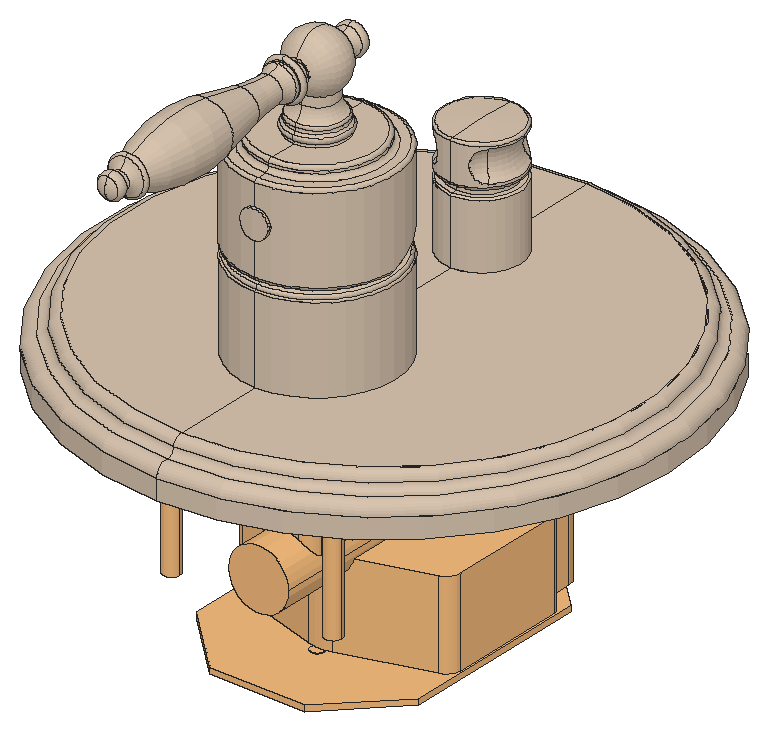
Revit family "Shower-Valve_Trim-KOHLER-MODULO-K-72803T_1", category Plumbing Fixtures, host Face, Revit 2017
Family settings
  Host = Face
  Round Connector Dimension = Use Diameter
  Part Type = Normal
  OmniClass Number = 23.31.25.00
  OmniClass Title = Toilet and Bath Specialties
  Cut with Voids When Loaded = No
  Shared = No
  Room Calculation Point = No
Parameters (values of type "AF-Flange Gold")
  Width = 7 11/128"  # constant formula
  WaterSense Certified = 1 = 0  # no
  Waste Water Outlet = "Waste Water Outlet"  # constant formula
  Waste Connection = 1 = 0  # no
  Vent Connection = 1 = 0  # no
  URL = "http://www.kohler.com.cn/"
  Type = 1
  Tempered Water Outlet 2 = "Tempered Water Outlet 2"  # constant formula
  Tempered Water Outlet 1 = "Tempered Water Outlet 1"  # constant formula
  Product Page URL = "https://www.kohler.com.cn/product/K-72803T-B4M-CP/K-72803T-4M-AF/"
  Product Name = "MODULO"  # constant formula
  Product Documentation Link = "https://files.kohler.com.cn/pdfs/1592894410229_1403891-2_A1(72801T,etc.).pdf"
  Pressure = 0.00 psi
  Model = if(Type = 1, "K-72803T-4M-AF", if(Type = 2, "K-72803T-4M-BN", if(Type = 3, "K-72803T-4M-SN", if(Type = 4, "K-72803T-4M-R2B", "NA"))))  # "K-72803T-4M-AF"
  Material = "Premium Metal Construction"  # constant formula
  Master Format 2014 Name = "Toilet, Bath, and Laundry Accessories"  # constant formula
  Master Format 2014 = "10 28 00"  # constant formula
  Manufacturer Address = "Kohler Beijing Office (100016) 36-2-03-B, No. 88, Liuxiang Road, Beijing"  # constant formula
  Manufacturer = "KOHLER Co."  # constant formula
  Length = 4 13/64"  # constant formula
  Hot Water Inlet = "Hot Water Inlet"  # constant formula
  Height = 7 229/256"  # constant formula
  Handle Clearance = 3 79/256"  # constant formula
  HW Connection = 1 = 1  # yes
  Flow Rate = 0 GPM
  Finish = Kohler-Metal-AF-Flange_Gold
  Environmental Product Declaration = ""
  Drain Included = 1 = 0  # no
  Description = "Smart with round in-wall bathtub shower valve core and classic panel (Finno handle)"  # constant formula
  Default Elevation = 42"
  Declare Label = ""
  Date Modified = "07/29/2020"  # constant formula
  Date Created = "07/29/2020"  # constant formula
  Copyright = "Copyright KOHLER Co."  # constant formula
  Contact Us = "http://www.kohler.com.cn/contact/contact-us/"
  Cold Water Inlet = "Cold Water Inlet"  # constant formula
  CW Connection = 1 = 1  # yes
  Assembly Code = "D2010700"
  ADA Compliant = 1 = 0  # no
Reference planes (in)
  plane 1 "Center (Front/Back)": y = 0
  plane 2: z = 0
  plane 3 "Center (Left/Right)": x = 0
  plane 4: y = 3.54331
  plane 5: y = -4.35122
  plane 6: y = -3.54331
  plane 7: x = -3.54331
  plane 8: x = 3.54263
  plane 9: y = -0.07869
  plane 10: y = -2.00793
  plane 11: x = -0.96343
  plane 12: x = 0.96343
  plane 13: y = 1.51642
  plane 14: x = -0.48091
  plane 15: x = 0.48091
  plane 16: y = 1.99666
  plane 17: y = 1.03484
  plane 18: z = -2.82765
  plane 19: z = 0.59055
  plane 20: y = -1.04263
  plane 21: z = 3.8189
  plane 22: z = 4.20312
  plane 23: z = 2.0445
  plane 24: x = 1.39407
  plane 25: x = -1.39407
Forms (in)
  Extrusion 1, void
    sketch origin (0, 0, 0) x (1, 0, 0) y (0, 1, 0)
      loop
        arc (-1.44346, -2.04382) -> (-1.37023, -2.2206) -> (-1.19346, -2.29382) r 0.25
        line (-1.19346, -2.29382) -> (1.18799, -2.29382)
        arc (1.18799, -2.29382) -> (1.36477, -2.2206) -> (1.43799, -2.04382) r 0.25
        line (1.43799, -2.04382) -> (1.43799, 2.12825)
        arc (1.43799, 2.12825) -> (1.36477, 2.30503) -> (1.18799, 2.37825) r 0.25
        line (1.18799, 2.37825) -> (-1.19346, 2.37825)
        arc (-1.19346, 2.37825) -> (-1.37023, 2.30503) -> (-1.44346, 2.12825) r 0.25
        line (-1.44346, 2.12825) -> (-1.44346, -2.04382)
    from 0 to -2.82765
Dimensions and locks (in)
  "Width": plane 7 to plane 8
  locked: plane 4 to plane 6 at 7.08661
  "Height": plane 4 to plane 5
  "Handle Clearance": plane 20 to plane 5
  "Length": plane 22 to plane 2
  locked: plane 21 to plane 2 at 3.8189
  locked: plane 13 to plane 20 at 2.55906
  aligned and locked: plane 2 to host face
  aligned and locked: level to host face
Automatic sketch dimensions
  host sketch curve to host sketch curve = 96"  (x2)
  Extrusion 1 sketch curve to plane 25 = 0.04939"
  plane 25 to Extrusion 1 sketch curve = 0.20061"  (x2)
  Extrusion 1 sketch curve to plane 10 = 0.0359"  (x2)
  plane 24 to Extrusion 1 sketch curve = 0.20607"  (x2)
  Extrusion 1 sketch curve to plane 16 = 0.13159"
Nested families (in)
  nested 1: "K-72803T" at (0, 0, 0), type "K-72803T"
Connectors (in)
  piping at (-0.96343, 0, -2.82765), diameter 0.5, driven by "HW Connection", driven by "Hot Water Inlet"
    settings: on nested 1, index 1, connector inside diameter 24", connector length 0", flow factor 0, pipe flow 0 GPM, pressure drop 0.00 psi, fitting loss kfactor 0, connector angle 0.00°, fixture units 0, engagement length 0", angle of deflection 0.00°, flow configuration 0, flow direction 1, fitting loss method 0, system type 19, joint type 0, gender type 0, connector reference index -1, connector utility 1, adjustable connector no, is connector primary yes, connector description "Hot Water Inlet"
  piping at (0.96343, 0, -2.82765), diameter 0.5, driven by "CW Connection", driven by "Cold Water Inlet"
    settings: on nested 1, index 2, connector inside diameter 24", connector length 0", flow factor 0, pipe flow 0 GPM, pressure drop 0.00 psi, fitting loss kfactor 0, connector angle 0.00°, fixture units 0, engagement length 0", angle of deflection 0.00°, flow configuration 0, flow direction 1, fitting loss method 0, system type 20, joint type 0, gender type 0, connector reference index -1, connector utility 1, adjustable connector no, is connector primary no, connector description "Cold Water Inlet"
  piping at (0, -1.04331, -2.82765), diameter 0.5, driven by "HW Connection", driven by "Tempered Water Outlet 2"
    settings: on nested 1, index 3, connector inside diameter 24", connector length 0", flow factor 0, pipe flow 0 GPM, pressure drop 0.00 psi, fitting loss kfactor 0, connector angle 0.00°, fixture units 0, engagement length 0", angle of deflection 0.00°, flow configuration 0, flow direction 2, fitting loss method 0, system type 19, joint type 0, gender type 0, connector reference index -1, connector utility 1, adjustable connector no, is connector primary no, connector description "Tempered Water Outlet 2"
  piping at (0, 1.51575, -2.82765), diameter 0.5, driven by "HW Connection", driven by "Tempered Water Outlet 1"
    settings: on nested 1, index 4, connector inside diameter 24", connector length 0", flow factor 0, pipe flow 0 GPM, pressure drop 0.00 psi, fitting loss kfactor 0, connector angle 0.00°, fixture units 0, engagement length 0", angle of deflection 0.00°, flow configuration 0, flow direction 2, fitting loss method 0, system type 19, joint type 0, gender type 0, connector reference index -1, connector utility 1, adjustable connector no, is connector primary no, connector description "Tempered Water Outlet 1"
Definition of nested family "K-72803T"
  Parameters (values of type "K-72803T")
    Material = none
  Reference planes (in)
    plane 1 "Center (Front/Back)": y = 0
    plane 2: z = 0
    plane 3 "Center (Left/Right)": x = 0
    plane 4: x = -3.54331
    plane 5: x = 3.54331
    plane 6: y = 3.54331
    plane 7: y = -3.54331
    plane 8: z = 0.59055
    plane 9: x = -0.96343
    plane 10: x = 0.96343
    plane 11: z = 3.8189
    plane 12: z = 4.20362
    plane 13: y = -1.04331
    plane 14: y = -4.35039
    plane 15: y = 1.51575
    plane 16: y = 1.03484
    plane 17: z = 2.0445
    plane 18: y = 1.99666
    plane 19: y = -0.07869
    plane 20: y = -2.00793
  Forms (in)
    Revolve 1, solid, material <- "Material", detail levels medium+fine
      sketch origin (0, 0, 0) x (0, 1, 0) y (0, 0, 1)
        loop
          line (0, 0.59055) -> (0, 0) -> (3.54331, 0) -> (3.54331, 0.24917)
          arc (3.54331, 0.24917) -> (3.49525, 0.35721) -> (3.38283, 0.39385) r 0.14546
          arc (3.38283, 0.39385) -> (3.30959, 0.41558) -> (3.27304, 0.48266) r 0.10004
          arc (3.27304, 0.48266) -> (3.23365, 0.55962) -> (3.15292, 0.59055) r 0.12081
          line (3.15292, 0.59055) -> (0, 0.59055)
        axis (0, 0.59055) -> (0, 0)
      angle from 0 to 360
    Revolve 2, solid, material <- "Material", detail levels medium+fine
      sketch origin (0, 0, 0) x (0, 1, 0) y (0, 0, 1)
        loop
          line (-1.04331, 2.18504) -> (-1.73131, 2.18504)
          arc (-1.73131, 2.18504) -> (-1.81732, 2.00604) -> (-1.84956, 1.81009) r 0.69947
          arc (-1.84956, 1.81009) -> (-1.86678, 1.76184) -> (-1.90952, 1.7336) r 0.08091
          line (-1.90952, 1.7336) -> (-1.96233, 1.71945)
          arc (-1.96233, 1.71945) -> (-1.98461, 1.70166) -> (-1.98668, 1.67323) r 0.03559
          arc (-1.98668, 1.67323) -> (-2.00171, 1.66701) -> (-2.00793, 1.65198) r 0.02124
          line (-2.00793, 1.65198) -> (-2.00793, 0.59055) -> (-1.04331, 0.59055) -> (-1.04331, 2.18504)
        axis (-1.04331, 2.18504) -> (-1.04331, 0.59055)
      angle from 0 to 360
    Revolve 3, solid, material <- "Material", detail levels medium+fine
      sketch origin (0, 0, 0) x (0, 1, 0) y (0, 0, 1)
        loop
          line (-1.97772, 1.78346) -> (-1.04331, 1.78346) -> (-1.04331, 3.8189) -> (-1.28563, 3.8189)
          arc (-1.28563, 3.8189) -> (-1.27803, 3.62043) -> (-1.28216, 3.42186) r 3.36073
          arc (-1.28216, 3.42186) -> (-1.30736, 3.32918) -> (-1.3689, 3.25544) r 0.22504
          arc (-1.3689, 3.25544) -> (-1.3817, 3.23717) -> (-1.38195, 3.21487) r 0.03777
          arc (-1.38195, 3.21487) -> (-1.37981, 3.19716) -> (-1.38363, 3.17974) r 0.05335
          arc (-1.38363, 3.17974) -> (-1.39403, 3.16117) -> (-1.40876, 3.1458) r 0.08409
          arc (-1.40876, 3.1458) -> (-1.42421, 3.11356) -> (-1.40892, 3.08123) r 0.04159
          arc (-1.40892, 3.08123) -> (-1.39846, 3.06356) -> (-1.40192, 3.04331) r 0.02981
          line (-1.40192, 3.04331) -> (-1.75116, 3.04331)
          arc (-1.75116, 3.04331) -> (-1.78018, 3.03129) -> (-1.7922, 3.00227) r 0.04103
          line (-1.7922, 3.00227) -> (-1.7922, 2.97076)
          arc (-1.7922, 2.97076) -> (-1.809, 2.93019) -> (-1.84957, 2.91339) r 0.05738
          line (-1.84957, 2.91339) -> (-1.96615, 2.91339)
          arc (-1.96615, 2.91339) -> (-1.99597, 2.90103) -> (-2.00832, 2.87121) r 0.04218
          line (-2.00832, 2.87121) -> (-2.00832, 1.81407)
          arc (-2.00832, 1.81407) -> (-1.99936, 1.79243) -> (-1.97772, 1.78346) r 0.0306
        axis (-1.04331, 3.8189) -> (-1.04331, 1.78346)
      angle from 0 to 360
    Extrusion 4, void
      sketch origin (0, 0, 0) x (0, 1, 0) y (0, 0, 1)
        loop
          line (0.04479, 2.24503) -> (-1.20554, 1.75353) -> (0.04479, 1.75353) -> (0.04479, 2.24503)
      from -1.10745 to 1.17611
    Extrusion 5, solid, material <- "Material", detail levels medium+fine
      sketch origin (0, 0, 0) x (1, 0, 0) y (0, 0, 1)
        loop
          circle (0, 2.42345) r 0.17717
      from 1.84994 to 2.17167
    Extrusion 6, void
      sketch origin (0, -2.09887, 0) x (1, 0, 0) y (0, 1, 0)
        loop
          line (-0.29378, 0.10181) -> (-0.29378, -0.12038) -> (0.29378, -0.12038) -> (0.29378, 0.10181)
          arc (0.29378, 0.10181) -> (0, 0.058) -> (-0.29378, 0.10181) r 1.00684
      from 2.18504 to 2.76179
    Revolve 7, solid, material <- "Material", detail levels medium+fine
      sketch origin (0, 0, 0) x (0, 1, 0) y (0, 0, 1)
        loop
          line (-4.35039, 3.8189) -> (-0.32537, 3.8189)
          arc (-0.32537, 3.8189) -> (-0.33151, 3.84387) -> (-0.34853, 3.86315) r 0.05385
          arc (-0.34853, 3.86315) -> (-0.40487, 3.91266) -> (-0.44852, 3.97366) r 0.32854
          arc (-0.44852, 3.97366) -> (-0.50311, 4.01076) -> (-0.56539, 3.98891) r 0.07328
          arc (-0.56539, 3.98891) -> (-0.61677, 3.9535) -> (-0.67792, 3.94103) r 0.15618
          line (-0.67792, 3.94103) -> (-0.72796, 3.94103) -> (-0.72796, 3.97264)
          arc (-0.72796, 3.97264) -> (-1.0434, 4.18879) -> (-1.35884, 3.97264) r 0.33824
          line (-1.35884, 3.97264) -> (-1.35884, 3.94103)
          arc (-1.35884, 3.94103) -> (-1.45481, 3.97195) -> (-1.51367, 4.0538) r 0.16132
          arc (-1.51367, 4.0538) -> (-1.55395, 4.07884) -> (-1.58483, 4.04284) r 0.03642
          line (-1.58483, 4.04284) -> (-1.58483, 4.00368)
          arc (-1.58483, 4.00368) -> (-1.60345, 4.0353) -> (-1.64013, 4.03434) r 0.03615
          arc (-1.64013, 4.03434) -> (-1.71841, 3.99961) -> (-1.80325, 3.98804) r 0.30473
          arc (-1.80325, 3.98804) -> (-2.01693, 4.00141) -> (-2.22768, 4.03906) r 1.87456
          arc (-2.22768, 4.03906) -> (-2.5048, 4.10233) -> (-2.78305, 4.16036) r 15.0618
          arc (-2.78305, 4.16036) -> (-3.38068, 4.17905) -> (-3.95214, 4.00317) r 1.8211
          arc (-3.95214, 4.00317) -> (-3.9637, 4.05879) -> (-4.01754, 4.04064) r 0.03796
          arc (-4.01754, 4.04064) -> (-4.0549, 3.97781) -> (-4.10779, 3.92736) r 0.26894
          arc (-4.10779, 3.92736) -> (-4.13845, 3.92048) -> (-4.16458, 3.93794) r 0.03989
          arc (-4.16458, 3.93794) -> (-4.22952, 3.97666) -> (-4.29989, 3.94901) r 0.08585
          arc (-4.29989, 3.94901) -> (-4.33733, 3.88868) -> (-4.35039, 3.8189) r 0.19287
        axis (-0.32537, 3.8189) -> (-4.35039, 3.8189)
      angle from 0 to 360
    Revolve 8, solid, material <- "Material", detail levels medium+fine
      sketch origin (0, 0, 0) x (0, 1, 0) y (0, 0, 1)
        loop
          line (1.12235, 1.41732) -> (1.0573, 1.41732) -> (1.03484, 1.39486) -> (1.03484, 0.59055) -> (1.51575, 0.59055) -> (1.51575, 2.0445)
          arc (1.51575, 2.0445) -> (1.28844, 2.04019) -> (1.06147, 2.02725) r 5.98938
          arc (1.06147, 2.02725) -> (1.04252, 2.0181) -> (1.03484, 1.99851) r 0.02882
          line (1.03484, 1.99851) -> (1.03484, 1.53548)
          arc (1.03484, 1.53548) -> (1.04172, 1.51815) -> (1.05862, 1.51026) r 0.02527
          arc (1.05862, 1.51026) -> (1.09047, 1.50886) -> (1.12235, 1.50839) r 1.08368
          line (1.12235, 1.50839) -> (1.12235, 1.41732)
        axis (1.51575, 2.0445) -> (1.51575, 0.59055)
      angle from 0 to 360
    Sweep 9, void
      path origin (0, 0, 0) x (1, 0, 0) y (0, 1, 0)
        loop
          arc (0.26106, 2.09256) -> (0.28277, 1.95775) -> (0.35402, 1.84125) r 0.35311
          arc (0.35402, 1.84125) -> (0.48091, 1.51575) -> (0.35402, 1.19025) r 0.48091
          arc (0.35402, 1.19025) -> (0.28277, 1.07375) -> (0.26106, 0.93893) r 0.35311
      profile origin (0.48091, 1.51575, 0) x (1, 0, 0) y (0, 0, 1)
        loop
          arc (0.08965, 2.02349) -> (-0.08595, 1.77165) -> (0.08965, 1.51981) r 0.26839
          line (0.08965, 1.51981) -> (0.08965, 2.02349)
    Sweep 10, void
      path origin (0, 0, 0) x (-1, 0, 0) y (0, 1, 0)
        loop
          arc (0.26106, 2.09256) -> (0.28277, 1.95775) -> (0.35402, 1.84125) r 0.35311
          arc (0.35402, 1.84125) -> (0.48091, 1.51575) -> (0.35402, 1.19025) r 0.48091
          arc (0.35402, 1.19025) -> (0.28277, 1.07375) -> (0.26106, 0.93893) r 0.35311
      profile origin (-0.48091, 1.51575, 0) x (1, 0, 0) y (0, 0, 1)
        loop
          line (-0.08965, 2.02349) -> (-0.08965, 1.51981)
          arc (-0.08965, 1.51981) -> (0.08595, 1.77165) -> (-0.08965, 2.02349) r 0.26839
    Extrusion 11, solid, detail levels medium+fine
      sketch origin (-0.00273, 0.04221, 0) x (1, 0, 0) y (0, 1, 0)
        loop
          arc (-1.19072, 2.33604) -> (-1.3675, 2.26281) -> (-1.44072, 2.08604) r 0.25
          line (-1.44072, 2.08604) -> (-1.44072, -2.08604)
          arc (-1.44072, -2.08604) -> (-1.3675, -2.26281) -> (-1.19072, -2.33604) r 0.25
          line (-1.19072, -2.33604) -> (1.19072, -2.33604)
          arc (1.19072, -2.33604) -> (1.3675, -2.26281) -> (1.44072, -2.08604) r 0.25
          line (1.44072, -2.08604) -> (1.44072, 2.08604)
          arc (1.44072, 2.08604) -> (1.3675, 2.26281) -> (1.19072, 2.33604) r 0.25
          line (1.19072, 2.33604) -> (-1.19072, 2.33604)
      from -0.08047 to -0.00109
    Extrusion 12, solid, detail levels medium+fine
      sketch origin (0.00074, 0.00471, 0) x (1, 0, 0) y (0, 1, 0)
        loop
          circle (-1.00405, -2.05906) r 0.10216
        loop
          circle (1.00767, -2.05906) r 0.10216
        loop
          circle (-1.00405, 2.03488) r 0.10216
        loop
          circle (1.00767, 2.03488) r 0.10216
      from -1.79824 to 0
    Extrusion 13, solid, detail levels medium+fine
      sketch origin (-0.04444, 0.12063, 0) x (1, 0, 0) y (0, 1, 0)
        loop
          line (-0.1335, -1.67581) -> (0.22928, -1.67581)
          arc (0.22928, -1.67581) -> (0.34114, -1.62948) -> (0.38747, -1.51762) r 0.15819
          line (0.38747, -1.51762) -> (0.38747, -0.81825)
          arc (0.38747, -0.81825) -> (0.04444, -0.47522) -> (-0.2986, -0.81825) r 0.34303
          line (-0.2986, -0.81825) -> (-0.2986, -1.51071)
          arc (-0.2986, -1.51071) -> (-0.25024, -1.62745) -> (-0.1335, -1.67581) r 0.1651
      from -1.56396 to 0
    Extrusion 14, solid, detail levels medium+fine
      sketch origin (-0.00221, -0.00116, 0) x (1, 0, 0) y (0, 1, 0)
        loop
          circle (0.00221, 1.50189) r 0.65193
      from -1.92913 to 0
    Extrusion 15, solid, detail levels medium+fine
      sketch origin (-0.00146, -0.01024, 0) x (1, 0, 0) y (0, 0, 1)
        loop
          circle (0.00146, -1.57522) r 0.37568
      from -1.17767 to 1.94008
    Extrusion 16, solid, detail levels medium+fine
      sketch origin (0, 0.00132, 0) x (1, 0, 0) y (0, 1, 0)
        loop
          arc (1.22001, -0.67247) -> (1.31279, -0.60767) -> (1.34842, -0.50026) r 0.17969
          line (1.34842, -0.50026) -> (1.34842, 0.96158)
          arc (1.34842, 0.96158) -> (1.34467, 0.98045) -> (1.33398, 0.99645) r 0.04932
          line (1.33398, 0.99645) -> (1.12734, 1.20309)
          arc (1.12734, 1.20309) -> (1.11633, 1.21956) -> (1.11247, 1.239) r 0.05078
          line (1.11247, 1.239) -> (1.11247, 1.48574)
          arc (1.11247, 1.48574) -> (1.09031, 1.57118) -> (1.02941, 1.63507) r 0.17578
          line (1.02941, 1.63507) -> (0.19066, 2.15588)
          arc (0.19066, 2.15588) -> (0.1417, 2.17679) -> (0.08873, 2.18209) r 0.17578
          line (0.08873, 2.18209) -> (-0.40386, 2.15627)
          arc (-0.40386, 2.15627) -> (-0.49575, 2.12419) -> (-0.55601, 2.04775) r 0.17391
          line (-0.55601, 2.04775) -> (-0.89339, 1.21269)
          arc (-0.89339, 1.21269) -> (-0.91099, 1.19037) -> (-0.93782, 1.181) r 0.05078
          line (-0.93782, 1.181) -> (-1.14167, 1.17032)
          arc (-1.14167, 1.17032) -> (-1.15966, 1.166) -> (-1.17492, 1.15552) r 0.05078
          line (-1.17492, 1.15552) -> (-1.33355, 0.99688)
          arc (-1.33355, 0.99688) -> (-1.34456, 0.98041) -> (-1.34843, 0.96097) r 0.05078
          line (-1.34843, 0.96097) -> (-1.34843, -0.49979)
          arc (-1.34843, -0.49979) -> (-1.31266, -0.60757) -> (-1.21956, -0.67261) r 0.18032
          line (-1.21956, -0.67261) -> (-0.15356, -0.98999)
          arc (-0.15356, -0.98999) -> (0, -1.01237) -> (0.15356, -0.98999) r 0.53813
          line (0.15356, -0.98999) -> (1.22001, -0.67247)
      from -2.75358 to -1.66963
    Extrusion 17, solid, detail levels medium+fine
      sketch origin (0, 0.00228, 0) x (1, 0, 0) y (0, 1, 0)
        loop
          line (-1.37795, 1.16901) -> (-1.37795, -1.19319) -> (-0.59055, -1.98059) -> (0.59055, -1.98059) -> (1.37795, -1.19319) -> (1.37795, 1.16901) -> (0.59055, 1.95642) -> (-0.59055, 1.95642) -> (-1.37795, 1.16901)
      from -2.82765 to -2.75358
    Extrusion 18, solid, detail levels coarse
      sketch origin (0, 0, 0) x (1, 0, 0) y (0, 1, 0)
        loop
          line (-1.37795, -1.19091) -> (-0.59055, -1.97831) -> (0.59055, -1.97831) -> (1.37795, -1.19091) -> (1.37795, 1.17129) -> (0.59055, 1.95869) -> (-0.59055, 1.95869) -> (-1.37795, 1.17129) -> (-1.37795, -1.19091)
      from 0 to -2.82765
    Extrusion 19, solid, material <- "Material", detail levels coarse
      sketch origin (0, 0, 0) x (1, 0, 0) y (0, 1, 0)
        loop
          circle (0, 0) r 3.54331
      from 0 to 0.59055
    Extrusion 20, solid, material <- "Material", detail levels coarse
      sketch origin (0, 0, 0) x (1, 0, 0) y (0, 1, 0)
        loop
          circle (0, 1.51575) r 0.48091
      from 0.59055 to 2.04303
    Revolve 21, solid, material <- "Material", detail levels coarse
      sketch origin (0, 0, 0) x (0, 1, 0) y (0, 0, 1)
        loop
          line (-1.04331, 3.8189) -> (-1.25437, 3.8189) -> (-1.25437, 3.04331) -> (-2.00793, 3.04331) -> (-2.00793, 0.59055) -> (-1.04331, 0.59055) -> (-1.04331, 3.8189)
        axis (-1.04331, 3.8189) -> (-1.04331, 0.59055)
      angle from 0 to 360
    Revolve 22, solid, material <- "Material", detail levels coarse
      sketch origin (0, 0, 0) x (0, 1, 0) y (0, 0, 1)
        loop
          line (-0.32537, 3.8189) -> (-0.32537, 4.07764) -> (-0.78356, 4.07764) -> (-0.78356, 4.20362) -> (-1.40892, 4.20362) -> (-1.40892, 4.03434) -> (-2.20736, 4.03434) -> (-2.20736, 4.20362) -> (-4.08175, 4.20362) -> (-4.08175, 4.0538) -> (-4.35039, 4.0538) -> (-4.35039, 3.8189) -> (-0.32537, 3.8189)
        axis (-4.35039, 3.8189) -> (-0.32537, 3.8189)
      angle from 0 to 360
    Extrusion 23, solid, detail levels medium+fine
      sketch origin (0, 0, 0) x (1, 0, 0) y (0, 1, 0)
        loop
          circle (-0.96343, 0) r 0.07874
        loop
          circle (0, -1.04331) r 0.07874
        loop
          circle (0.96343, 0) r 0.07874
        loop
          circle (0, 1.51575) r 0.07874
      from -2.75358 to -2.82765
  Cuts and joins
    Extrusion 4 cuts Revolve 3
    Extrusion 6 cuts Extrusion 5
    Sweep 9, Sweep 10 cuts Revolve 8
    joined: Revolve 1, Revolve 2, Revolve 3, Extrusion 5, Revolve 7, Revolve 8
    joined: Extrusion 11, Extrusion 12, Extrusion 13, Extrusion 14, Extrusion 15, Extrusion 16, Extrusion 17
    joined: Extrusion 19, Extrusion 20, Revolve 21, Revolve 22
  Lines and regions (in)
    Masking region 1
      outline origin (0, 0, 0) x (0, 1, 0) y (0, 0, 1)
        loop
          arc (-3.9475, 3.63231) -> (-3.97292, 3.58591) -> (-4.02168, 3.60645) r 0.03949
          arc (-4.02168, 3.60645) -> (-4.05811, 3.66394) -> (-4.10779, 3.71043) r 0.26894
          arc (-4.10779, 3.71043) -> (-4.13845, 3.71731) -> (-4.16458, 3.69986) r 0.03989
          arc (-4.16458, 3.69986) -> (-4.22952, 3.66114) -> (-4.29989, 3.68878) r 0.08585
          arc (-4.29989, 3.68878) -> (-4.33733, 3.74911) -> (-4.35039, 3.8189) r 0.19287
          arc (-4.35039, 3.8189) -> (-4.33733, 3.88868) -> (-4.29989, 3.94901) r 0.19287
          arc (-4.29989, 3.94901) -> (-4.22952, 3.97666) -> (-4.16458, 3.93794) r 0.08585
          arc (-4.16458, 3.93794) -> (-4.13845, 3.92048) -> (-4.10779, 3.92736) r 0.03989
          arc (-4.10779, 3.92736) -> (-4.05967, 3.97198) -> (-4.02379, 4.02693) r 0.26894
          arc (-4.02379, 4.02693) -> (-3.9776, 4.04631) -> (-3.95214, 4.00317) r 0.0381
          arc (-3.95214, 4.00317) -> (-3.76241, 4.0849) -> (-3.56465, 4.14461) r 1.8211
          arc (-3.56465, 4.14461) -> (-3.36423, 4.18879) -> (-3.15954, 4.20362) r 1.41985
          arc (-3.15954, 4.20362) -> (-2.97006, 4.19277) -> (-2.78305, 4.16036) r 1.6597
          arc (-2.78305, 4.16036) -> (-2.5048, 4.10233) -> (-2.22768, 4.03906) r 15.0618
          arc (-2.22768, 4.03906) -> (-2.01693, 4.00141) -> (-1.80325, 3.98804) r 1.87456
          arc (-1.80325, 3.98804) -> (-1.71841, 3.99961) -> (-1.64013, 4.03434) r 0.30473
          arc (-1.64013, 4.03434) -> (-1.60345, 4.0353) -> (-1.58483, 4.00368) r 0.03615
          line (-1.58483, 4.00368) -> (-1.58483, 4.04284)
          arc (-1.58483, 4.04284) -> (-1.55395, 4.07884) -> (-1.51367, 4.0538) r 0.03642
          arc (-1.51367, 4.0538) -> (-1.45481, 3.97195) -> (-1.35884, 3.94103) r 0.16132
          line (-1.35884, 3.94103) -> (-1.35884, 3.97205)
          arc (-1.35884, 3.97205) -> (-1.239, 4.13952) -> (-1.04331, 4.20362) r 0.33075
          arc (-1.04331, 4.20362) -> (-0.84786, 4.1397) -> (-0.72796, 3.97264) r 0.33075
          line (-0.72796, 3.97264) -> (-0.72796, 3.94103) -> (-0.67792, 3.94103)
          arc (-0.67792, 3.94103) -> (-0.61677, 3.9535) -> (-0.56539, 3.98891) r 0.15618
          arc (-0.56539, 3.98891) -> (-0.50311, 4.01076) -> (-0.44852, 3.97366) r 0.07328
          arc (-0.44852, 3.97366) -> (-0.40487, 3.91266) -> (-0.34853, 3.86315) r 0.32854
          arc (-0.34853, 3.86315) -> (-0.33151, 3.84387) -> (-0.32537, 3.8189) r 0.05385
          arc (-0.32537, 3.8189) -> (-0.33151, 3.79393) -> (-0.34853, 3.77465) r 0.05385
          arc (-0.34853, 3.77465) -> (-0.40487, 3.72514) -> (-0.44852, 3.66414) r 0.32854
          arc (-0.44852, 3.66414) -> (-0.50311, 3.62703) -> (-0.56539, 3.64888) r 0.07328
          arc (-0.56539, 3.64888) -> (-0.61677, 3.6843) -> (-0.67792, 3.69676) r 0.15618
          line (-0.67792, 3.69676) -> (-0.72796, 3.69676) -> (-0.72796, 3.66516)
          arc (-0.72796, 3.66516) -> (-0.76158, 3.6002) -> (-0.80838, 3.54399) r 0.33824
          arc (-0.80838, 3.54399) -> (-0.80697, 3.48291) -> (-0.80445, 3.42186) r 3.36073
          arc (-0.80445, 3.42186) -> (-0.77926, 3.32918) -> (-0.71771, 3.25544) r 0.22504
          arc (-0.71771, 3.25544) -> (-0.70492, 3.23717) -> (-0.70466, 3.21487) r 0.03777
          arc (-0.70466, 3.21487) -> (-0.7068, 3.19716) -> (-0.70298, 3.17974) r 0.05335
          arc (-0.70298, 3.17974) -> (-0.69258, 3.16117) -> (-0.67785, 3.1458) r 0.08409
          arc (-0.67785, 3.1458) -> (-0.6624, 3.11356) -> (-0.67769, 3.08123) r 0.04159
          arc (-0.67769, 3.08123) -> (-0.68816, 3.06356) -> (-0.6847, 3.04331) r 0.02981
          line (-0.6847, 3.04331) -> (-0.33545, 3.04331)
          arc (-0.33545, 3.04331) -> (-0.30644, 3.03129) -> (-0.29442, 3.00227) r 0.04103
          line (-0.29442, 3.00227) -> (-0.29442, 2.97076)
          arc (-0.29442, 2.97076) -> (-0.27761, 2.93019) -> (-0.23704, 2.91339) r 0.05738
          line (-0.23704, 2.91339) -> (-0.12047, 2.91339)
          arc (-0.12047, 2.91339) -> (-0.09065, 2.90103) -> (-0.07829, 2.87121) r 0.04218
          line (-0.07829, 2.87121) -> (-0.07829, 2.21626)
          arc (-0.07829, 2.21626) -> (-0.0844, 2.19645) -> (-0.1006, 2.18352) r 0.03518
          line (-0.1006, 2.18352) -> (-0.30762, 2.10214)
          arc (-0.30762, 2.10214) -> (-0.25647, 1.95995) -> (-0.23705, 1.81009) r 0.69947
          arc (-0.23705, 1.81009) -> (-0.21983, 1.76184) -> (-0.1771, 1.7336) r 0.08091
          line (-0.1771, 1.7336) -> (-0.12428, 1.71945)
          arc (-0.12428, 1.71945) -> (-0.10201, 1.70166) -> (-0.09993, 1.67323) r 0.03559
          arc (-0.09993, 1.67323) -> (-0.08491, 1.66701) -> (-0.07869, 1.65198) r 0.02124
          line (-0.07869, 1.65198) -> (-0.07869, 0.59055) -> (1.03484, 0.59055) -> (1.03484, 1.39486) -> (1.0573, 1.41732) -> (1.12235, 1.41732) -> (1.12235, 1.50839)
          arc (1.12235, 1.50839) -> (1.09112, 1.50886) -> (1.05992, 1.51027) r 1.03642
          arc (1.05992, 1.51027) -> (1.04209, 1.51861) -> (1.03484, 1.53691) r 0.02669
          line (1.03484, 1.53691) -> (1.03484, 1.99764)
          arc (1.03484, 1.99764) -> (1.04299, 2.01838) -> (1.06307, 2.02801) r 0.03045
          arc (1.06307, 2.02801) -> (1.28926, 2.04038) -> (1.51575, 2.0445) r 6.22222
          arc (1.51575, 2.0445) -> (1.74224, 2.04038) -> (1.96842, 2.02801) r 6.22222
          arc (1.96842, 2.02801) -> (1.98851, 2.01838) -> (1.99666, 1.99764) r 0.03045
          line (1.99666, 1.99764) -> (1.99666, 1.53691)
          arc (1.99666, 1.53691) -> (1.9894, 1.51861) -> (1.97158, 1.51027) r 0.02669
          arc (1.97158, 1.51027) -> (1.94038, 1.50886) -> (1.90915, 1.50839) r 1.03642
          line (1.90915, 1.50839) -> (1.90915, 1.41732) -> (1.9742, 1.41732) -> (1.99666, 1.39486) -> (1.99666, 0.59055) -> (3.15292, 0.59055)
          arc (3.15292, 0.59055) -> (3.23365, 0.55962) -> (3.27304, 0.48266) r 0.12081
          arc (3.27304, 0.48266) -> (3.30959, 0.41558) -> (3.38283, 0.39385) r 0.10004
          arc (3.38283, 0.39385) -> (3.49525, 0.35721) -> (3.54331, 0.24917) r 0.14546
          line (3.54331, 0.24917) -> (3.54331, 0) -> (0, 0) -> (-3.54331, 0) -> (-3.54331, 0.24917)
          arc (-3.54331, 0.24917) -> (-3.49525, 0.35721) -> (-3.38283, 0.39385) r 0.14546
          arc (-3.38283, 0.39385) -> (-3.30959, 0.41558) -> (-3.27304, 0.48266) r 0.10004
          arc (-3.27304, 0.48266) -> (-3.23365, 0.55962) -> (-3.15292, 0.59055) r 0.12081
          line (-3.15292, 0.59055) -> (-2.00793, 0.59055) -> (-2.00793, 1.65198)
          arc (-2.00793, 1.65198) -> (-2.00171, 1.66701) -> (-1.98668, 1.67323) r 0.02124
          arc (-1.98668, 1.67323) -> (-1.98461, 1.70166) -> (-1.96233, 1.71945) r 0.03559
          line (-1.96233, 1.71945) -> (-1.90952, 1.7336)
          arc (-1.90952, 1.7336) -> (-1.87604, 1.75188) -> (-1.85465, 1.78346) r 0.08091
          line (-1.85465, 1.78346) -> (-1.97772, 1.78346)
          arc (-1.97772, 1.78346) -> (-1.99936, 1.79243) -> (-2.00832, 1.81407) r 0.0306
          line (-2.00832, 1.81407) -> (-2.00832, 2.22044) -> (-2.02852, 2.24928) -> (-2.02852, 2.60061) -> (-2.00832, 2.62841) -> (-2.00832, 2.87121)
          arc (-2.00832, 2.87121) -> (-1.99597, 2.90103) -> (-1.96615, 2.91339) r 0.04218
          line (-1.96615, 2.91339) -> (-1.84957, 2.91339)
          arc (-1.84957, 2.91339) -> (-1.809, 2.93019) -> (-1.7922, 2.97076) r 0.05738
          line (-1.7922, 2.97076) -> (-1.7922, 3.00227)
          arc (-1.7922, 3.00227) -> (-1.78018, 3.03129) -> (-1.75116, 3.04331) r 0.04103
          line (-1.75116, 3.04331) -> (-1.40192, 3.04331)
          arc (-1.40192, 3.04331) -> (-1.39846, 3.06356) -> (-1.40892, 3.08123) r 0.02981
          arc (-1.40892, 3.08123) -> (-1.42421, 3.11356) -> (-1.40876, 3.1458) r 0.04159
          arc (-1.40876, 3.1458) -> (-1.39403, 3.16117) -> (-1.38363, 3.17974) r 0.08409
          arc (-1.38363, 3.17974) -> (-1.37981, 3.19716) -> (-1.38195, 3.21487) r 0.05335
          arc (-1.38195, 3.21487) -> (-1.3817, 3.23717) -> (-1.3689, 3.25544) r 0.03777
          arc (-1.3689, 3.25544) -> (-1.30736, 3.32918) -> (-1.28216, 3.42186) r 0.22504
          arc (-1.28216, 3.42186) -> (-1.27964, 3.48282) -> (-1.27823, 3.54381) r 3.36073
          arc (-1.27823, 3.54381) -> (-1.32515, 3.6001) -> (-1.35884, 3.66516) r 0.33824
          line (-1.35884, 3.66516) -> (-1.35884, 3.69676)
          arc (-1.35884, 3.69676) -> (-1.45481, 3.66585) -> (-1.51367, 3.58399) r 0.16132
          arc (-1.51367, 3.58399) -> (-1.55395, 3.55895) -> (-1.58483, 3.59495) r 0.03642
          line (-1.58483, 3.59495) -> (-1.58483, 3.63411)
          arc (-1.58483, 3.63411) -> (-1.60345, 3.6025) -> (-1.64013, 3.60346) r 0.03615
          arc (-1.64013, 3.60346) -> (-1.71841, 3.63818) -> (-1.80325, 3.64976) r 0.30473
          arc (-1.80325, 3.64976) -> (-2.01693, 3.63639) -> (-2.22768, 3.59874) r 1.87456
          arc (-2.22768, 3.59874) -> (-2.5048, 3.53547) -> (-2.78305, 3.47743) r 15.0618
          arc (-2.78305, 3.47743) -> (-3.38068, 3.45875) -> (-3.95214, 3.63462) r 1.8211
    Masking region 2
      outline origin (0, 0, 0) x (1, 0, 0) y (0, 0, 1)
        loop
          line (3.54331, 0) -> (3.54331, 0.24917)
          arc (3.54331, 0.24917) -> (3.49525, 0.35721) -> (3.38283, 0.39385) r 0.14546
          arc (3.38283, 0.39385) -> (3.30959, 0.41558) -> (3.27304, 0.48266) r 0.10004
          arc (3.27304, 0.48266) -> (3.23365, 0.55962) -> (3.15292, 0.59055) r 0.12081
          line (3.15292, 0.59055) -> (0.96337, 0.59055) -> (0.96337, 1.65198)
          arc (0.96337, 1.65198) -> (0.95714, 1.66701) -> (0.94212, 1.67323) r 0.02124
          arc (0.94212, 1.67323) -> (0.94004, 1.70166) -> (0.91777, 1.71945) r 0.03559
          line (0.91777, 1.71945) -> (0.86496, 1.7336)
          arc (0.86496, 1.7336) -> (0.83148, 1.75188) -> (0.81009, 1.78346) r 0.08091
          line (0.81009, 1.78346) -> (0.93567, 1.78346)
          arc (0.93567, 1.78346) -> (0.96124, 1.79726) -> (0.96376, 1.82621) r 0.0306
          line (0.96376, 1.82621) -> (0.96376, 2.87121)
          arc (0.96376, 2.87121) -> (0.95141, 2.90103) -> (0.92158, 2.91339) r 0.04218
          line (0.92158, 2.91339) -> (0.80627, 2.91339)
          arc (0.80627, 2.91339) -> (0.76569, 2.93019) -> (0.74889, 2.97076) r 0.05738
          line (0.74889, 2.97076) -> (0.74889, 3.00227)
          arc (0.74889, 3.00227) -> (0.73687, 3.03129) -> (0.70785, 3.04331) r 0.04103
          line (0.70785, 3.04331) -> (0.35861, 3.04331)
          arc (0.35861, 3.04331) -> (0.35515, 3.06356) -> (0.36562, 3.08123) r 0.02981
          arc (0.36562, 3.08123) -> (0.38091, 3.11356) -> (0.36545, 3.1458) r 0.04159
          arc (0.36545, 3.1458) -> (0.35072, 3.16117) -> (0.34032, 3.17974) r 0.08409
          arc (0.34032, 3.17974) -> (0.33651, 3.19716) -> (0.33865, 3.21487) r 0.05335
          arc (0.33865, 3.21487) -> (0.33839, 3.23717) -> (0.3256, 3.25544) r 0.03777
          arc (0.3256, 3.25544) -> (0.26405, 3.32918) -> (0.23886, 3.42186) r 0.22504
          arc (0.23886, 3.42186) -> (0.23664, 3.47373) -> (0.23523, 3.52562) r 3.36073
          arc (0.23523, 3.52562) -> (0.35883, 3.94831) -> (0, 4.20362) r 0.37981
          arc (0, 4.20362) -> (-0.35883, 3.94831) -> (-0.23523, 3.52562) r 0.37981
          arc (-0.23523, 3.52562) -> (-0.23664, 3.47373) -> (-0.23886, 3.42186) r 3.36073
          arc (-0.23886, 3.42186) -> (-0.26405, 3.32918) -> (-0.3256, 3.25544) r 0.22504
          arc (-0.3256, 3.25544) -> (-0.33839, 3.23717) -> (-0.33865, 3.21487) r 0.03777
          arc (-0.33865, 3.21487) -> (-0.33651, 3.19716) -> (-0.34032, 3.17974) r 0.05335
          arc (-0.34032, 3.17974) -> (-0.35072, 3.16117) -> (-0.36545, 3.1458) r 0.08409
          arc (-0.36545, 3.1458) -> (-0.38091, 3.11356) -> (-0.36562, 3.08123) r 0.04159
          arc (-0.36562, 3.08123) -> (-0.35515, 3.06356) -> (-0.35861, 3.04331) r 0.02981
          line (-0.35861, 3.04331) -> (-0.70785, 3.04331)
          arc (-0.70785, 3.04331) -> (-0.73687, 3.03129) -> (-0.74889, 3.00227) r 0.04103
          line (-0.74889, 3.00227) -> (-0.74889, 2.97076)
          arc (-0.74889, 2.97076) -> (-0.76569, 2.93019) -> (-0.80627, 2.91339) r 0.05738
          line (-0.80627, 2.91339) -> (-0.92125, 2.91339)
          arc (-0.92125, 2.91339) -> (-0.95107, 2.90103) -> (-0.96343, 2.87121) r 0.04218
          line (-0.96343, 2.87121) -> (-0.96343, 2.51147) -> (-0.96343, 1.81407)
          arc (-0.96343, 1.81407) -> (-0.95446, 1.79243) -> (-0.93282, 1.78346) r 0.0306
          line (-0.93282, 1.78346) -> (-0.8126, 1.78346)
          arc (-0.8126, 1.78346) -> (-0.83399, 1.75188) -> (-0.86747, 1.7336) r 0.08091
          line (-0.86747, 1.7336) -> (-0.92028, 1.71945)
          arc (-0.92028, 1.71945) -> (-0.94256, 1.70166) -> (-0.94463, 1.67323) r 0.03559
          arc (-0.94463, 1.67323) -> (-0.95805, 1.66617) -> (-0.96343, 1.65198) r 0.0214
          line (-0.96343, 1.65198) -> (-0.96343, 0.59055) -> (-3.15292, 0.59055)
          arc (-3.15292, 0.59055) -> (-3.23365, 0.55962) -> (-3.27304, 0.48266) r 0.12081
          arc (-3.27304, 0.48266) -> (-3.30959, 0.41558) -> (-3.38283, 0.39385) r 0.10004
          arc (-3.38283, 0.39385) -> (-3.49525, 0.35721) -> (-3.54331, 0.24917) r 0.14546
          line (-3.54331, 0.24917) -> (-3.54331, 0) -> (0, 0) -> (3.54331, 0)
    Masking region 3
      outline origin (0, 0, 0) x (1, 0, 0) y (0, 1, 0)
        loop
          arc (-3.54331, 0) -> (-2.62336, -2.38181) -> (-0.34121, -3.52684) r 3.54331
          arc (-0.34121, -3.52684) -> (-0.27803, -3.74067) -> (-0.18729, -3.94435) r 1.69304
          arc (-0.18729, -3.94435) -> (-0.24, -3.96911) -> (-0.21524, -4.02183) r 0.04118
          arc (-0.21524, -4.02183) -> (-0.15598, -4.05487) -> (-0.11038, -4.10511) r 0.2097
          arc (-0.11038, -4.10511) -> (-0.10413, -4.13906) -> (-0.12372, -4.16747) r 0.04509
          arc (-0.12372, -4.16747) -> (-0.15483, -4.20755) -> (-0.15421, -4.25828) r 0.07691
          arc (-0.15421, -4.25828) -> (-0.08981, -4.32561) -> (0, -4.35039) r 0.17515
          arc (0, -4.35039) -> (0.08981, -4.32561) -> (0.15421, -4.25828) r 0.17515
          arc (0.15421, -4.25828) -> (0.15483, -4.20755) -> (0.12372, -4.16747) r 0.07691
          arc (0.12372, -4.16747) -> (0.10413, -4.13906) -> (0.11038, -4.10511) r 0.04509
          arc (0.11038, -4.10511) -> (0.15598, -4.05487) -> (0.21524, -4.02183) r 0.2097
          arc (0.21524, -4.02183) -> (0.24, -3.96911) -> (0.18729, -3.94435) r 0.04118
          arc (0.18729, -3.94435) -> (0.27803, -3.74067) -> (0.34121, -3.52684) r 1.69304
          arc (0.34121, -3.52684) -> (2.62336, -2.38181) -> (3.54331, 0) r 3.54331
          arc (3.54331, 0) -> (2.5055, 2.5055) -> (0, 3.54331) r 3.54331
          arc (0, 3.54331) -> (-2.5055, 2.5055) -> (-3.54331, 0) r 3.54331
    Masking region 4
      outline origin (0, 0, 0) x (0, 1, 0) y (0, 0, 1)
        loop
          line (2.37825, -0.08047) -> (2.37825, -0.00109) -> (-2.29382, -0.00109) -> (-2.29382, -0.08047) -> (-2.1565, -0.08047) -> (-2.1565, -1.79824) -> (-1.95219, -1.79824) -> (-1.95219, -1.95068) -> (-1.01111, -1.95068) -> (-1.01111, -2.75358) -> (-1.97831, -2.75358) -> (-1.97831, -2.82765) -> (1.95869, -2.82765) -> (1.95869, -2.75358) -> (2.18365, -2.75358) -> (2.18341, -1.66963) -> (2.15267, -1.66963) -> (2.15267, -0.08047) -> (2.37825, -0.08047)
        loop
          line (0.8488, -0.08047) -> (-0.35691, -0.08047) -> (-0.35691, -1.1943) -> (0.8488, -1.1943) -> (0.8488, -0.08047)
        loop
          line (-1.55518, -0.08047) -> (-1.95033, -0.08047) -> (-1.95033, -1.19953) -> (-1.55518, -1.19953) -> (-1.55518, -0.08047)
    Masking region 5, detail levels medium+fine
      outline origin (0, 0, 0) x (1, 0, 0) y (0, 0, 1)
        loop
          line (1.43799, -0.08047) -> (1.43799, -0.00109) -> (-1.44346, -0.00109) -> (-1.44346, -0.08047) -> (-1.10546, -0.08047) -> (-1.10546, -1.66963) -> (-1.34843, -1.66963) -> (-1.34843, -2.75358) -> (-1.39132, -2.75358) -> (-1.39132, -2.82765) -> (1.39132, -2.82765) -> (1.39132, -2.75358) -> (1.34843, -2.75358) -> (1.34843, -1.66963) -> (1.10546, -1.66963) -> (1.10546, -0.08047) -> (1.44346, -0.08047)
        loop
          line (0.90626, -0.08047) -> (0.65193, -0.08047) -> (0.65193, -1.66963) -> (0.90626, -1.66963) -> (0.90626, -0.08047)
        loop
          line (-0.90626, -0.08047) -> (-0.90626, -1.66963) -> (-0.65193, -1.66963) -> (-0.65193, -0.08047) -> (-0.90626, -0.08047)
    symbolic lines, detail levels medium+fine
      curve 1: line (0, 3.54331, 0.24917) -> (0, -3.54331, 0.24917)
      curve 2: line (0, -3.38283, 0.39385) -> (0, 3.41287, 0.39385)
      curve 3: line (0, 3.27304, 0.48266) -> (0, -3.27304, 0.48266)
      curve 4: line (0, -0.09993, 1.67323) -> (0, -1.98668, 1.67323)
      curve 5: line (0, -0.12428, 1.71945) -> (0, -1.96233, 1.71945)
      curve 6: line (0, -0.30762, 2.10214) -> (0, -1.09524, 1.79252)
      curve 7: line (0, -1.14499, 1.78311) -> (0, -1.85465, 1.78346)
      curve 8: line (0, -0.23705, 1.81009) -> (0, -1.05056, 1.81009)
      curve 9: line (0, -0.07869, 1.65198) -> (0, -2.00793, 1.65198)
      curve 10: arc (0, -2.00832, 2.62841) -> (0, -1.98931, 2.42442) -> (0, -2.00832, 2.22044) r 1.10394
      curve 11: arc (0, -2.02852, 2.60061) -> (0, -2.01144, 2.42495) -> (0, -2.02852, 2.24928) r 0.91189
      curve 12: line (0, -0.23704, 2.91339) -> (0, -1.84957, 2.91339)
      curve 13: line (0, -0.29442, 2.97076) -> (0, -1.7922, 2.97076)
      curve 14: line (0, -0.29442, 3.00227) -> (0, -1.7922, 3.00227)
      curve 15: line (0, -0.07829, 2.87121) -> (0, -2.00832, 2.87121)
      curve 16: arc (0, -1.09524, 1.79252) -> (0, -1.11967, 1.78548) -> (0, -1.14499, 1.78311) r 0.1358
      curve 17: line (3.54331, 0, 0.24917) -> (-3.54331, 0, 0.24917)
      curve 18: line (3.38283, 0, 0.39385) -> (-3.38283, 0, 0.39385)
      curve 19: line (3.27304, 0, 0.48266) -> (-3.27304, 0, 0.48266)
      curve 20: line (0.96337, 0, 0.59055) -> (-0.96588, 0, 0.59055)
      curve 21: line (0.94338, 0, 1.67323) -> (0.41513, 0, 1.67323)
      curve 22: line (0.96337, 0, 1.65198) -> (0.42443, 0, 1.65198)
      curve 23: line (0.91777, 0, 1.71945) -> (0.40177, 0, 1.71945)
      curve 24: spline (0, 0, 2.10198) -> (0.10478, 0, 2.0997) -> (0.20784, 0, 2.09244) -> (0.30743, 0, 2.08031) -> (0.40183, 0, 2.06353) -> (0.48943, 0, 2.04237) -> (0.56872, 0, 2.01721) -> (0.63835, 0, 1.98848) -> (0.69713, 0, 1.95667) -> (0.74404, 0, 1.92232) -> (0.77828, 0, 1.88602) -> (0.79927, 0, 1.84839) -> (0.80664, 0, 1.81009)
      curve 25: spline (-0.80664, 0, 1.81009) -> (-0.79927, 0, 1.84839) -> (-0.77828, 0, 1.88602) -> (-0.74404, 0, 1.92232) -> (-0.69713, 0, 1.95667) -> (-0.63835, 0, 1.98848) -> (-0.56872, 0, 2.01721) -> (-0.48943, 0, 2.04237) -> (-0.40183, 0, 2.06353) -> (-0.30743, 0, 2.08031) -> (-0.20784, 0, 2.09244) -> (-0.10478, 0, 2.0997) -> (0, 0, 2.10198)
      curve 26: spline (0.93573, 0, 1.9102) -> (0.90541, 0, 1.94839) -> (0.86396, 0, 1.98515) -> (0.81189, 0, 2.02006) -> (0.74979, 0, 2.0527) -> (0.6784, 0, 2.0827) -> (0.59856, 0, 2.10968) -> (0.5112, 0, 2.13335) -> (0.41735, 0, 2.15342) -> (0.31812, 0, 2.16966) -> (0.21467, 0, 2.18187) -> (0.10821, 0, 2.18992) -> (0, 0, 2.1937)
      curve 27: arc (0.80664, 0, 1.81009) -> (0.80759, 0, 1.79668) -> (0.81009, 0, 1.78346) r 0.11613
      curve 28: arc (-0.80664, 0, 1.81009) -> (-0.80759, 0, 1.79668) -> (-0.81009, 0, 1.78346) r 0.11613
      curve 29: arc (0.96376, 0, 1.82621) -> (0.9549, 0, 1.86992) -> (0.93573, 0, 1.9102) r 0.18314
      curve 30: spline (-0.93573, 0, 1.9102) -> (-0.90541, 0, 1.94839) -> (-0.86396, 0, 1.98515) -> (-0.81189, 0, 2.02006) -> (-0.74979, 0, 2.0527) -> (-0.6784, 0, 2.0827) -> (-0.59856, 0, 2.10968) -> (-0.5112, 0, 2.13335) -> (-0.41735, 0, 2.15342) -> (-0.31812, 0, 2.16966) -> (-0.21467, 0, 2.18187) -> (-0.10821, 0, 2.18992) -> (0, 0, 2.1937)
      curve 31: arc (-0.96376, 0, 1.82621) -> (-0.9549, 0, 1.86992) -> (-0.93573, 0, 1.9102) r 0.18314
      curve 32: line (0.80664, 0, 1.81009) -> (0.39944, 0, 1.81009)
      curve 33: arc (0.35986, -3.43124, 0) -> (-0.00603, 3.45037, 0) -> (-0.35976, -3.43188, 0) r 3.45037
      curve 34: arc (0.37087, -3.35349, 0) -> (0, 3.37393, 0) -> (-0.37087, -3.35349, 0) r 3.37393
      curve 35: arc (0.37954, -3.25586, 0) -> (0, 3.27791, 0) -> (-0.37954, -3.25586, 0) r 3.27791
      curve 36: line (0, -0.6847, 3.04331) -> (0, -1.40192, 3.04331)
      curve 37: line (0, -0.67769, 3.08123) -> (0, -1.40892, 3.08123)
      curve 38: line (0, -0.67785, 3.1458) -> (0, -1.40876, 3.1458)
      curve 39: line (0, -0.70466, 3.21487) -> (0, -1.38195, 3.21487)
      curve 40: line (0, -0.71771, 3.25544) -> (0, -1.3689, 3.25544)
      curve 41: arc (0, -0.80838, 3.5439) -> (0, -1.04331, 3.53373) -> (0, -1.27823, 3.5439) r 2.71721
      curve 42: line (0, -0.72796, 3.94103) -> (0, -0.72796, 3.69676)
      curve 43: line (0, -0.44852, 3.97366) -> (0, -0.44852, 3.66414)
      curve 44: line (0, -0.56539, 3.98891) -> (0, -0.56539, 3.64888)
      curve 45: line (0, -1.35875, 3.94103) -> (0, -1.35875, 3.69676)
      curve 46: line (0, -1.51367, 4.0538) -> (0, -1.51367, 3.58399)
      curve 47: line (0, -1.58473, 4.00368) -> (0, -1.58473, 3.63411)
      curve 48: line (0, -1.64013, 4.03434) -> (0, -1.64013, 3.60346)
      curve 49: line (0, -3.95214, 4.00317) -> (0, -3.95214, 3.63462)
      curve 50: line (0, -4.02379, 4.02693) -> (0, -4.02379, 3.61086)
      curve 51: line (0, -4.10779, 3.92736) -> (0, -4.10779, 3.71043)
      curve 52: line (0, -4.16458, 3.93794) -> (0, -4.16458, 3.69986)
      curve 53: line (0.80627, 0, 2.91339) -> (-0.80627, 0, 2.91339)
      curve 54: line (0.35861, 0, 3.04331) -> (-0.35861, 0, 3.04331)
      curve 55: line (0.74889, 0, 2.97076) -> (-0.74889, 0, 2.97076)
      curve 56: line (0.74889, 0, 3.00227) -> (-0.74889, 0, 3.00227)
      curve 57: line (0.36562, 0, 3.08123) -> (-0.36562, 0, 3.08123)
      curve 58: line (0.36545, 0, 3.1458) -> (-0.36545, 0, 3.1458)
      curve 59: line (0.33865, 0, 3.21487) -> (-0.33865, 0, 3.21487)
      curve 60: line (0.3256, 0, 3.25544) -> (-0.3256, 0, 3.25544)
      curve 61: circle (0, 0, 3.8189) r 0.12631 normal (0, -1, 0)
      curve 62: circle (0, 0, 3.8189) r 0.19275 normal (0, -1, 0)
      curve 63: arc (0.23523, 0, 3.52562) -> (0, 0, 3.5439) -> (-0.23523, 0, 3.52562) r 1.5225
      curve 64: arc (0.182, -1.98939, 0) -> (0, -0.07988, 0) -> (-0.182, -1.98939, 0) r 0.96343
      curve 65: arc (0.17556, -1.77221, 0) -> (0, -0.29356, 0) -> (-0.17556, -1.77221, 0) r 0.74975
      curve 66: arc (0.17388, -1.81127, 0) -> (0, -0.25591, 0) -> (-0.17388, -1.81127, 0) r 0.7874
      curve 67: arc (-0.12209, -0.6832, 0) -> (-0.38023, -1.04049, 0) -> (-0.12742, -1.40157, 0) r 0.38024
      curve 68: arc (-0.04903, -0.35306, 0) -> (-0.02796, -0.33333, 0) -> (0, -0.32617, 0) r 0.05814
      curve 69: arc (-0.15762, -0.44979, 0) -> (-0.09662, -0.40896, 0) -> (-0.04903, -0.35306, 0) r 0.26708
      curve 70: arc (-0.17474, -0.55915, 0) -> (-0.19478, -0.49999, 0) -> (-0.15762, -0.44979, 0) r 0.06739
      curve 71: arc (-0.12209, -0.6832, 0) -> (-0.13561, -0.61574, 0) -> (-0.17474, -0.55915, 0) r 0.17018
      curve 72: line (-0.12209, -0.6832, 0) -> (-0.12209, -0.72787, 0)
      curve 73: line (-0.12209, -0.72787, 0) -> (-0.15374, -0.72787, 0)
      curve 74: arc (-0.15374, -0.72787, 0) -> (-0.36838, -1.04331, 0) -> (-0.15374, -1.35875, 0) r 0.33911
      curve 75: line (-0.15374, -1.35875, 0) -> (-0.12213, -1.35875, 0)
      curve 76: arc (-0.12213, -1.35875, 0) -> (-0.1526, -1.45442, 0) -> (-0.23441, -1.51263, 0) r 0.15864
      curve 77: line (-0.18464, -1.585, 0) -> (-0.2236, -1.585, 0)
      curve 78: arc (-0.23441, -1.51263, 0) -> (-0.26019, -1.55347, 0) -> (-0.2236, -1.585, 0) r 0.03699
      curve 79: arc (-0.18464, -1.585, 0) -> (-0.21811, -1.60632, 0) -> (-0.21293, -1.64567, 0) r 0.03693
      curve 80: arc (-0.21293, -1.64567, 0) -> (-0.18995, -1.68333, 0) -> (-0.17916, -1.72611, 0) r 0.14727
      curve 81: arc (-0.17916, -1.72611, 0) -> (-0.17374, -1.87239, 0) -> (-0.18578, -2.01827, 0) r 1.22659
      curve 82: arc (-0.18578, -2.01827, 0) -> (-0.20618, -2.14444, 0) -> (-0.23116, -2.26978, 0) r 3.50474
      curve 83: arc (-0.23116, -2.26978, 0) -> (-0.28918, -2.53782, 0) -> (-0.3462, -2.80608, 0) r 74.04043
      curve 84: arc (-0.3462, -2.80608, 0) -> (-0.38251, -3.16673, 0) -> (-0.34121, -3.52684, 0) r 1.69304
      curve 85: line (0.12209, -0.6832, 0) -> (0.12209, -0.72787, 0)
      curve 86: line (0.12209, -0.72787, 0) -> (0.15374, -0.72787, 0)
      curve 87: arc (0.15374, -0.72787, 0) -> (0.36838, -1.04331, 0) -> (0.15374, -1.35875, 0) r 0.33911
      curve 88: line (0.15374, -1.35875, 0) -> (0.12213, -1.35875, 0)
      curve 89: arc (0.12213, -1.35875, 0) -> (0.1526, -1.45442, 0) -> (0.23441, -1.51263, 0) r 0.15864
      curve 90: line (0.18464, -1.585, 0) -> (0.2236, -1.585, 0)
      curve 91: arc (0.23441, -1.51263, 0) -> (0.26019, -1.55347, 0) -> (0.2236, -1.585, 0) r 0.03699
      curve 92: arc (0.18464, -1.585, 0) -> (0.21811, -1.60632, 0) -> (0.21293, -1.64567, 0) r 0.03693
      curve 93: arc (0.21293, -1.64567, 0) -> (0.18995, -1.68333, 0) -> (0.17916, -1.72611, 0) r 0.14727
      curve 94: arc (0.17916, -1.72611, 0) -> (0.17374, -1.87239, 0) -> (0.18578, -2.01827, 0) r 1.22659
      curve 95: arc (0.18578, -2.01827, 0) -> (0.20618, -2.14444, 0) -> (0.23116, -2.26978, 0) r 3.50474
      curve 96: arc (0.23116, -2.26978, 0) -> (0.28918, -2.53782, 0) -> (0.3462, -2.80608, 0) r 74.04043
      curve 97: arc (0.3462, -2.80608, 0) -> (0.38251, -3.16673, 0) -> (0.34121, -3.52684, 0) r 1.69304
      curve 98: arc (0.04903, -0.35306, 0) -> (0.02796, -0.33333, 0) -> (0, -0.32617, 0) r 0.05814
      curve 99: arc (0.15762, -0.44979, 0) -> (0.09662, -0.40896, 0) -> (0.04903, -0.35306, 0) r 0.26708
      curve 100: arc (0.17474, -0.55915, 0) -> (0.19478, -0.49999, 0) -> (0.15762, -0.44979, 0) r 0.06739
      curve 101: arc (0.12209, -0.6832, 0) -> (0.13561, -0.61574, 0) -> (0.17474, -0.55915, 0) r 0.17018
      curve 102: arc (0.12742, -1.40157, 0) -> (0.38023, -1.04049, 0) -> (0.12209, -0.6832, 0) r 0.38024
      curve 103: line (-0.15762, -0.44979, 0) -> (0.15762, -0.44979, 0)
      curve 104: line (-0.17474, -0.55915, 0) -> (0.17474, -0.55915, 0)
      curve 105: line (-0.12209, -0.72787, 0) -> (0.12209, -0.72787, 0)
      curve 106: line (-0.12213, -1.35875, 0) -> (0.12213, -1.35875, 0)
      curve 107: line (-0.23441, -1.51263, 0) -> (0.23441, -1.51263, 0)
      curve 108: line (-0.18464, -1.585, 0) -> (0.18464, -1.585, 0)
      curve 109: line (-0.21293, -1.64567, 0) -> (0.21293, -1.64567, 0)
      curve 110: line (-0.18729, -3.94435, 0) -> (0.18729, -3.94435, 0)
      curve 111: line (-0.21524, -4.02183, 0) -> (0.21524, -4.02183, 0)
      curve 112: line (-0.11038, -4.10511, 0) -> (0.11038, -4.10511, 0)
      curve 113: line (-0.12372, -4.16747, 0) -> (0.12372, -4.16747, 0)
      curve 114: line (0, 1.99666, 0.59055) -> (0, 1.03484, 0.59055)
      curve 115: line (0, 1.99666, 1.39486) -> (0, 1.03484, 1.39486)
      curve 116: line (0, 1.90915, 1.41732) -> (0, 1.12235, 1.41732)
      curve 117: line (0, 1.90915, 1.50839) -> (0, 1.12235, 1.50839)
      curve 118: line (0, 1.84125, 1.9685) -> (0, 1.19025, 1.9685)
      curve 119: line (0, 1.84125, 1.5748) -> (0, 1.84125, 1.9685)
      curve 120: line (0, 1.84125, 1.5748) -> (0, 1.19025, 1.5748)
      curve 121: line (0, 1.19025, 1.9685) -> (0, 1.19025, 1.5748)
      curve 122: line (0, -0.07869, 0.59055) -> (0, -2.00793, 0.59055)
      curve 123: line (0, 2.15267, -0.08047) -> (0, 0.8488, -0.08047)
      curve 124: line (0, -0.35458, -0.08047) -> (0, -1.55518, -0.08047)
      curve 125: line (0, -1.95033, -0.08047) -> (0, -2.1565, -0.08047)
      curve 126: line (0, 1.93743, -1.79824) -> (0, 1.93743, -0.08047)
      curve 127: line (0, 1.93743, -1.66963) -> (0, -0.92613, -1.66963)
      curve 128: arc (0, 0.8488, -1.1943) -> (0, 0.95238, -1.42073) -> (0, 0.95963, -1.66963) r 0.62679
      curve 129: line (0, 1.93743, -1.79824) -> (0, 2.1572, -1.79824)
      curve 130: line (0, 2.1572, -1.66963) -> (0, 2.1572, -1.79824)
      curve 131: line (0, 1.95869, -2.75358) -> (0, -1.01111, -2.75358)
      curve 132: line (0, 1.20441, -1.66963) -> (0, 1.20441, -2.75358)
      curve 133: line (0, 0.95963, -1.66963) -> (0, 0.95963, -2.75358)
      curve 134: line (0, -0.62197, -1.66963) -> (0, -0.62197, -2.75358)
      curve 135: arc (0, -0.92613, -1.66963) -> (0, -0.95148, -1.81534) -> (0, -1.01111, -1.95068) r 0.61069
      curve 136: line (0, -0.76182, -1.42203) -> (0, -1.34375, -1.42203)
      curve 137: line (0, -0.35691, -1.1943) -> (0, -0.52603, -1.33621)
      curve 138: arc (0, -0.52603, -1.33621) -> (0, -0.63636, -1.39991) -> (0, -0.76182, -1.42203) r 0.36684
      curve 139: arc (0, -1.34375, -1.42203) -> (0, -1.49722, -1.35616) -> (0, -1.55518, -1.19953) r 0.2117
      curve 140: line (0, -1.95033, -1.19953) -> (0, -1.95219, -1.79824)
      curve 141: line (0.48091, 0, 1.39486) -> (0.48091, 0, 0.59055)
      curve 142: line (0.48091, 0, 1.39486) -> (0.45845, 0, 1.41732)
      curve 143: line (0.45845, 0, 1.41732) -> (0.3934, 0, 1.41732)
      curve 144: line (0.3934, 0, 1.41732) -> (0.3934, 0, 1.50839)
      curve 145: line (0.3934, 0, 1.50839) -> (0.45557, 0, 1.50839)
      curve 146: line (0.48091, 0, 1.5748) -> (0.48091, 0, 1.53373)
      curve 147: arc (0.48091, 0, 1.53373) -> (0.47349, 0, 1.51581) -> (0.45557, 0, 1.50839) r 0.02535
      curve 148: arc (0.48091, 0, 1.5748) -> (0.39672, 0, 1.77165) -> (0.48091, 0, 1.9685) r 0.27222
      curve 149: line (0.48091, 0, 1.9685) -> (0.48091, 0, 2.00148)
      curve 150: arc (0.45685, 0, 2.02742) -> (0.22858, 0, 2.04023) -> (0, 0, 2.0445) r 6.11662
      curve 151: arc (0.48091, 0, 2.00148) -> (0.47397, 0, 2.01917) -> (0.45685, 0, 2.02742) r 0.02601
      curve 152: line (0.48091, 0, 1.9685) -> (0.35402, 0, 1.9685)
      curve 153: line (0.48091, 0, 1.5748) -> (0.35402, 0, 1.5748)
      curve 154: line (0.35402, 0, 1.9685) -> (0.35402, 0, 1.5748)
      curve 155: line (-0.48091, 0, 1.39486) -> (-0.48091, 0, 0.59055)
      curve 156: line (-0.48091, 0, 1.39486) -> (-0.45845, 0, 1.41732)
      curve 157: line (-0.45845, 0, 1.41732) -> (-0.3934, 0, 1.41732)
      curve 158: line (-0.3934, 0, 1.41732) -> (-0.3934, 0, 1.50839)
      curve 159: line (-0.3934, 0, 1.50839) -> (-0.45557, 0, 1.50839)
      curve 160: line (-0.48091, 0, 1.5748) -> (-0.48091, 0, 1.53373)
      curve 161: arc (-0.48091, 0, 1.53373) -> (-0.47349, 0, 1.51581) -> (-0.45557, 0, 1.50839) r 0.02535
      curve 162: arc (-0.48091, 0, 1.5748) -> (-0.39672, 0, 1.77165) -> (-0.48091, 0, 1.9685) r 0.27222
      curve 163: line (-0.48091, 0, 1.9685) -> (-0.48091, 0, 2.00148)
      curve 164: arc (-0.45685, 0, 2.02742) -> (-0.22858, 0, 2.04023) -> (0, 0, 2.0445) r 6.11662
      curve 165: arc (-0.48091, 0, 2.00148) -> (-0.47397, 0, 2.01917) -> (-0.45685, 0, 2.02742) r 0.02601
      curve 166: line (-0.48091, 0, 1.9685) -> (-0.35402, 0, 1.9685)
      curve 167: line (-0.48091, 0, 1.5748) -> (-0.35402, 0, 1.5748)
      curve 168: line (-0.35402, 0, 1.9685) -> (-0.35402, 0, 1.5748)
      curve 169: line (0.48091, 0, 1.39486) -> (-0.48091, 0, 1.39486)
      curve 170: line (0.3934, 0, 1.41732) -> (-0.3934, 0, 1.41732)
      curve 171: line (0.3934, 0, 1.50839) -> (-0.3934, 0, 1.50839)
      curve 172: line (-0.39944, 0, 1.81009) -> (-0.80664, 0, 1.81009)
      curve 173: line (-0.40177, 0, 1.71945) -> (-0.92028, 0, 1.71945)
      curve 174: line (-0.41513, 0, 1.67323) -> (-0.94463, 0, 1.67323)
      curve 175: line (-0.42443, 0, 1.65198) -> (-0.96588, 0, 1.65198)
      curve 176: line (1.10546, 0, -0.08047) -> (0.90626, 0, -0.08047)
